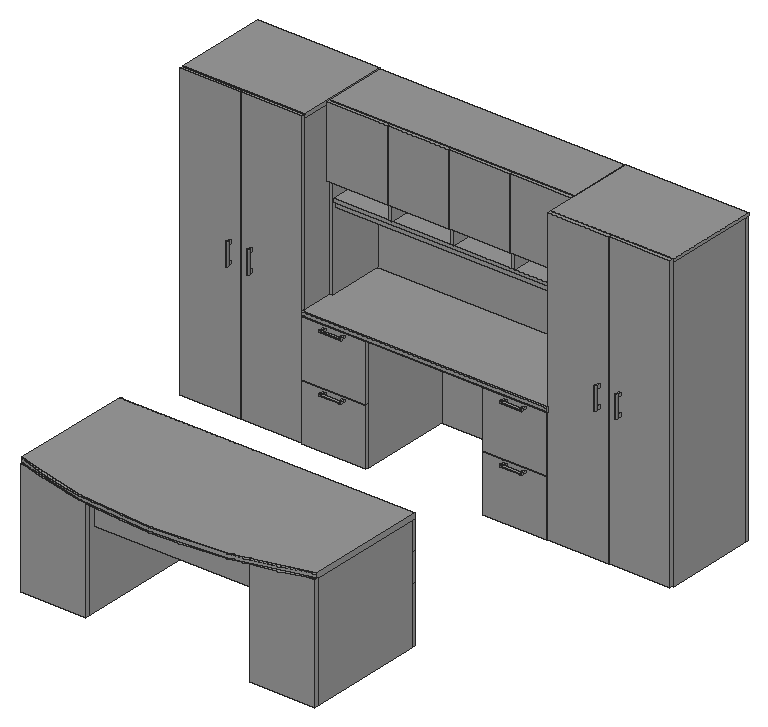
Revit family "JSI-Vision-Typical_Veneer-VSV100", category Furniture, Revit 2020
Family settings
  OmniClass Number = 23.40.20.00
  OmniClass Title = General Furniture and Specialties
  Work Plane-Based = No
  Always vertical = Yes
  Cut with Voids When Loaded = No
  Shared = No
  Room Calculation Point = No
Parameters (values of type "VST100")
  URL = "www.jsifurniture.com"
  Type Comments = "Typical Laminate"  # constant formula
  Model = "VST100"
  Manufacturer = "JSI"  # constant formula
  Keynote = "12500"
  Default Elevation = 0"
  Assembly Code = "E2020200"
Reference planes (in)
  plane 1 "Center Front/Back": y = 0
  plane 2: z = 0
  plane 3 "Center Left/Right": x = 0
Dimensions and locks (in)
  aligned and locked: level to plane 2
Nested families (in)
  nested 1: "JSI-Vision-Wardrobe" at (89.875, 0, 0), type "VSV2430-72W - Wardrobe - 2 Doors 30"W x 24"D x 72"H"
    with Top-Right Shelve no, Width 30", Unit Centre 14 15/16", Shelve Width 13 13/16", Right surface Dist. to Vertical Partition 15 5/16", Pull Distance 12 5/16", Height 72", Hanging Bar Distance 6 3/4", Door Width 14 13/16", Adjustable Shelves Array Distance 13.95", Actual Width 29 7/8", Actual Height 71 11/16", # of Adjustable Shelves 4
  nested 2: "JSI-Vision-Kneespace_Credenza" at (29.875, -0.125, 0), type "VSV2460KC, Veneer Kneespace Credenza 24" x 60""
    with Width 60", Height 29.187"
  nested 3: "JSI-Vision-Wardrobe" at (0, 0, 0), type "VSV2430-72W - Wardrobe - 2 Doors 30"W x 24"D x 72"H"
    with Top-Right Shelve no, Width 30", Unit Centre 14 15/16", Shelve Width 13 13/16", Right surface Dist. to Vertical Partition 15 5/16", Pull Distance 12 5/16", Height 72", Hanging Bar Distance 6 3/4", Door Width 14 13/16", Adjustable Shelves Array Distance 13.95", Actual Width 29 7/8", Actual Height 71 11/16", # of Adjustable Shelves 4
  nested 4: "JSI-Vision-Modular_Box_Box_File_Pedestal" at (96, -101.78955, 0) x (-1, 0, 0) z (0, 0, 1), type "VSV1630MBBF, Veneer Modular BBF Ped"
    with Ped Width 15.996", Ped Height 27.996", Ped Depth 30"
  nested 5: "JSI-Vision-Overhead_Cabinets_with_Cubbies" at (29.875, -0.125, -0.8125), type "VSV1660SOC, Veneer OH Cab. 16" x 60", 4 Doors w Cub"
    with Verticall Partition Distance 29 13/16", Unit Centre 30", Width 60", Door Width Actual 14 13/16", Door Array Spacing 14 15/16", Door Width 14 13/16", Bottom Partition Array Start Distance 14 7/8", Bottom Partition Array Space 14 1/2", Bottom Partition Array Distance 14 15/16", # of bottom Partition 3, # of Doors 4
  nested 6: "JSI-Vision-Modular_File_File_Pedestal" at (40, -101.78955, 0) x (-1, 0, 0) z (0, 0, 1), type "VSV1630MFF, Veneer Modular FF Ped"
    with Ped Depth 30"
  nested 7: "JSI-Vision-Adjustable_Bridge_Modesty" at (79.879, -100.044, -0.8125) x (-1, 0, 0) z (0, 0, 1), type "VSV0940TDM - Modesty for Adjustable Bridge 40"W x 3/4"D x 9"H"
  nested 8: "JSI-Vision-Bowfront_Desk_Top" at (59.93913, -97.18005, -0.8165), type "VSV3672BMCT - Modular Bowfront Desk Top - 72"W x 36"D x 1 3/16"H"
  nested 9: "JSI-Vision-Modular_Full_Height_Back_Modular_Pedestal" at (23.875, -101.60205, 0), type "VSV1628MPBK, Modular Full Height Back Panel for Modular Pedestal- Veneer"
  nested 10: "JSI-Vision-Modular_Full_Height_Back_Modular_Pedestal" at (79.879, -101.632, 0), type "VSV1628MPBK, Modular Full Height Back Panel for Modular Pedestal- Veneer"
Definition of nested family "JSI-Vision-Wardrobe"
  Parameters (values of type "Type Catalog")
    Vertical Partition = yes
    Top-Right Shelve = yes
    Top = none
    Width = 36"
    Unit Centre = Actual Width / 2  # 17 15/16"
    URL = "www.jsifurniture.com"
    Type Comments = ""
    Tag = "Storage/Wardrobe"
    Shelve Width = (Actual Width - 2 1/4") / 2  # 16 13/16"
    Shelve Depth = Depth - 2 13/16"  # 21 3/16"
    Series = "Vision Casegoods"  # constant formula
    Right surface Dist. to Vertical Partition = if(Vertical Partition, (Unit Centre + 3/8"), 3/4")  # 18 5/16"
    Right Door = yes
    Pull Finish = none
    Pull Distance = Door Width - 2 1/2"  # 15 5/16"
    Model = "Type Catalog"
    Material = ""
    Manufacturer = "JSI"  # constant formula
    Left Shelves = yes
    Left Door = yes
    Keynote = "12500"
    JSI Enviromental Website = "http://www.jsifurniture.com/jsi_sustainability_intro.php"
    Height = 84"
    Hanging Bar Distance = if(Height > 72", (Adjustable Shelves Array Distance + 6 3/4"), 6 3/4")  # 20 3/8"
    Door Width = if(Vertical Partition, ((Actual Width - (1/4")) / 2), (Actual Width - 1/8"))  # 17 13/16"
    Door Front = none
    Description = "Type Catalog"
    Depth = 24"
    Default Elevation = 0"
    Chassis = none
    Bottom-Right Shelves = no
    Assembly Code = "E2020200"
    Adjustable Shelves Array Distance = (Actual Height - 1 15/16") / (# of Adjustable Shelves + 1)  # 13 5/8"
    Actual Width = Width - 1/8"  # 35 7/8"
    Actual Height = if(Height > 54", (Height - 5/16"), (if(Height > 42", (Height + 1 1/8"), if(Height > 30", (Height - 3/8"), (Height - 13/16")))))  # 83 11/16"
    # of Adjustable Shelves = if(Height > 72", 5, 4)  # 5
  Reference planes (in)
    plane 1 "Center Front/Back": y = 0
    plane 2: z = 0
    plane 3 "Center Left/Right": x = 0
    plane 4: z = 0
    plane 5: x = 35.875
    plane 6: y = -0.125
    plane 7: y = -23
    plane 8: z = 83.6875
    plane 9: y = -0.875
    plane 10: y = -22.8125
    plane 11: y = -22.0625
    plane 12: x = 0.75
    plane 13: x = 35.125
    plane 14: z = 1.1875
    plane 15: z = 1.9375
    plane 16: z = 82.9375
    plane 17: z = 83.3125
    plane 18: z = 15.1875
    plane 19: z = 28.8125
    plane 20: z = 42.4375
    plane 21: z = 56.0625
    plane 22: z = 69.6875
    plane 23: z = 70.0625
    plane 24: z = 69.3125
    plane 25: z = 56.4375
    plane 26: z = 55.6875
    plane 27: z = 42.8125
    plane 28: z = 42.0625
    plane 29: z = 29.1875
    plane 30: z = 28.4375
    plane 31: z = 15.5625
    plane 32: z = 14.8125
    plane 33: x = 17.9375
    plane 34: x = 0.0625
    plane 35: x = 35.8125
    plane 36: x = 18
    plane 37: x = 17.875
    plane 38: z = 0.125
    plane 39: y = -23.125
    plane 40: y = -23.875
    plane 41: z = 1.5625
    plane 42: x = 18.3125
    plane 43: x = 17.5625
    plane 44: y = -24
    plane 45: z = 83.625
    plane 46: z = 63.3125
    plane 47: y = -11.5625
    plane 48: z = 41.84375
    plane 49: x = 20.5
    plane 50: x = 15.375
    plane 51: z = 20.3125
    plane 52: z = 19.5625
    plane 53: x = 18.3125
  Forms (in)
    Extrusion 1, solid, material <- "Chassis"
      sketch origin (0, 0, 0) x (1, 0, 0) y (0, 1, 0)
        loop
          line (0, -0.125) -> (0, -0.875) -> (35.875, -0.875) -> (35.875, -0.125) -> (0, -0.125)
      from 0 to 82.9375
    Extrusion 2, solid, material <- "Chassis"
      sketch origin (0, 0, 0) x (1, 0, 0) y (0, 1, 0)
        loop
          line (0, -0.875) -> (0, -23) -> (0.75, -23) -> (0.75, -0.875) -> (0, -0.875)
      from 0 to 82.9375
    Extrusion 3, solid, material <- "Chassis"
      sketch origin (0, 0, 0) x (1, 0, 0) y (0, 1, 0)
        loop
          line (35.125, -0.875) -> (35.125, -23) -> (35.875, -23) -> (35.875, -0.875) -> (35.125, -0.875)
      from 0 to 82.9375
    Extrusion 4, solid, material <- "Top"
      sketch origin (0, 0, 0) x (0, 1, 0) y (0, 0, 1)
        loop
          line (-0.125, 83.6875) -> (-23, 83.6875) -> (-23, 82.9375) -> (-0.125, 82.9375) -> (-0.125, 83.6875)
      from 0 to 35.875
    Extrusion 5, solid, material <- "Chassis"
      sketch origin (0, 0, 0) x (0, 1, 0) y (0, 0, 1)
        loop
          line (-0.875, 1.9375) -> (-22.0625, 1.9375) -> (-22.0625, 1.1875) -> (-0.875, 1.1875) -> (-0.875, 1.9375)
      from 0.75 to 35.125
    Extrusion 6, solid, material <- "Chassis"
      sketch origin (0, 0, 0) x (0, 1, 0) y (0, 0, 1)
        loop
          line (-22.0625, 1.9375) -> (-22.8125, 1.9375) -> (-22.8125, 0) -> (-22.0625, 0) -> (-22.0625, 1.9375)
      from 0.75 to 35.125
    Extrusion 7, solid, material <- "Door Front", visible <- "Left Door"
      sketch origin (0, 0, 0) x (1, 0, 0) y (0, 1, 0)
        loop
          line (0.0625, -23.125) -> (0.0625, -23.875) -> (17.875, -23.875) -> (17.875, -23.125) -> (0.0625, -23.125)
      from 0.125 to 83.625
    Extrusion 8, solid, material <- "Door Front", visible <- "Right Door"
      sketch origin (0, 0, 0) x (1, 0, 0) y (0, 1, 0)
        loop
          line (18, -23.125) -> (18, -23.875) -> (35.8125, -23.875) -> (35.8125, -23.125) -> (18, -23.125)
      from 0.125 to 83.625
    Extrusion 9, solid, material <- "Chassis", visible <- "Vertical Partition"
      sketch origin (0, 0, 0) x (1, 0, 0) y (0, 1, 0)
        loop
          line (17.5625, -0.875) -> (17.5625, -23) -> (18.3125, -23) -> (18.3125, -0.875) -> (17.5625, -0.875)
      from 1.9375 to 82.9375
    Extrusion 10, solid, material <- "Chassis", visible <- "Left Shelves"
      sketch origin (0, 0, 0) x (0, 1, 0) y (0, 0, 1)
        loop
          line (-0.875, 15.5625) -> (-22.0625, 15.5625) -> (-22.0625, 14.8125) -> (-0.875, 14.8125) -> (-0.875, 15.5625)
      from 0.75 to 17.5625
    Extrusion 11, solid, material <- "Chassis", visible <- "Top-Right Shelve"
      sketch origin (0, 0, 0) x (0, 1, 0) y (0, 0, 1)
        loop
          line (-0.875, 70.0625) -> (-22.0625, 70.0625) -> (-22.0625, 69.3125) -> (-0.875, 69.3125) -> (-0.875, 70.0625)
      from 18.3125 to 35.125
    Extrusion 12, solid, material <- "Pull Finish"
      sketch origin (0, 0, 0) x (0, 1, 0) y (0, 0, 1)
        loop
          circle (-11.5625, 63.3125) r 0.5
      from 18.3125 to 35.125
    Extrusion 13, solid, material <- "Chassis", visible <- "Left Shelves"
      sketch origin (0, 0, 13.625) x (0, 1, 0) y (0, 0, 1)
        loop
          line (-0.875, 15.5625) -> (-22.0625, 15.5625) -> (-22.0625, 14.8125) -> (-0.875, 14.8125) -> (-0.875, 15.5625)
      from 0.75 to 17.5625
    Extrusion 14, solid, material <- "Chassis", visible <- "Left Shelves"
      sketch origin (0, 0, 27.25) x (0, 1, 0) y (0, 0, 1)
        loop
          line (-0.875, 15.5625) -> (-22.0625, 15.5625) -> (-22.0625, 14.8125) -> (-0.875, 14.8125) -> (-0.875, 15.5625)
      from 0.75 to 17.5625
    Extrusion 15, solid, material <- "Chassis", visible <- "Left Shelves"
      sketch origin (0, 0, 40.875) x (0, 1, 0) y (0, 0, 1)
        loop
          line (-0.875, 15.5625) -> (-22.0625, 15.5625) -> (-22.0625, 14.8125) -> (-0.875, 14.8125) -> (-0.875, 15.5625)
      from 0.75 to 17.5625
    Extrusion 16, solid, material <- "Chassis", visible <- "Bottom-Right Shelves"
      sketch origin (0, 0, 0) x (0, 1, 0) y (0, 0, 1)
        loop
          line (-22.0625, 29.1875) -> (-22.0625, 28.4375) -> (-0.875, 28.4375) -> (-0.875, 29.1875) -> (-22.0625, 29.1875)
      from 18.3125 to 35.125
    Extrusion 17, solid, material <- "Chassis", visible <- "Bottom-Right Shelves"
      sketch origin (0, 0, 0) x (0, 1, 0) y (0, 0, 1)
        loop
          line (-22.0625, 20.3125) -> (-22.0625, 19.5625) -> (-0.875, 19.5625) -> (-0.875, 20.3125) -> (-22.0625, 20.3125)
      from 18.3125 to 35.125
    Extrusion 18, solid, material <- "Chassis", visible <- "Left Shelves"
      sketch origin (0, 0, 54.5) x (0, 1, 0) y (0, 0, 1)
        loop
          line (-0.875, 15.5625) -> (-22.0625, 15.5625) -> (-22.0625, 14.8125) -> (-0.875, 14.8125) -> (-0.875, 15.5625)
      from 0.75 to 17.5625
  Lines and regions (in)
    symbolic lines
      curve 1: line (35.875, -0.125, 0) -> (0, -0.125, 0)
      curve 2: line (0, -0.125, 0) -> (0, -23, 0)
      curve 3: line (35.875, -23, 0) -> (35.875, -0.125, 0)
      curve 4: line (0, -23, 0) -> (35.875, -23, 0)
      curve 5: line (17.875, -23.875, 0) -> (17.875, -23.125, 0)
      curve 6: line (0.0625, -23.875, 0) -> (17.875, -23.875, 0)
      curve 7: line (17.875, -23.125, 0) -> (0.0625, -23.125, 0)
      curve 8: line (0.0625, -23.125, 0) -> (0.0625, -23.875, 0)
      curve 9: line (35.8125, -23.125, 20.3125) -> (18, -23.125, 20.3125)
      curve 10: line (18, -23.875, 20.3125) -> (35.8125, -23.875, 20.3125)
      curve 11: line (18, -23.125, 20.3125) -> (18, -23.875, 20.3125)
      curve 12: line (35.8125, -23.875, 20.3125) -> (35.8125, -23.125, 20.3125)
  Dimensions and locks (in)
    locked: plane 6 to plane 1 "Center Front/Back" at 0.125
    plane 7 to plane 10 to plane 11 = 3/16" locked, 3/4" locked
    locked: plane 3 "Center Left/Right" to plane 12 at 0.75
    locked: plane 13 to plane 5 at 0.75
    plane 15 to plane 14 to plane 4 = 3/4" locked, 1 3/16" locked
    locked: plane 8 to plane 16 at 0.75
    locked: plane 17 to plane 16 at 0.375
    plane 23 to plane 22 to plane 24 = 3/8" locked, 3/8" locked
    plane 25 to plane 21 to plane 26 = 3/8" locked, 3/8" locked
    plane 27 to plane 20 to plane 28 = 3/8" locked, 3/8" locked
    plane 29 to plane 19 to plane 30 = 3/8" locked, 3/8" locked
    plane 31 to plane 18 to plane 32 = 3/8" locked, 3/8" locked
    "Actual Width": plane 3 "Center Left/Right" to plane 5
    "Unit Centre": plane 3 "Center Left/Right" to plane 33
    "Actual Height": plane 8 to plane 4
    locked: plane 3 "Center Left/Right" to plane 34 at 0.0625
    locked: plane 35 to plane 5 at 0.0625
    plane 40 to plane 39 to plane 7 = 3/4" locked, 1/8" locked
    "Door Width": plane 34 to plane 37
    "Door Width": plane 36 to plane 35
    locked: plane 15 to plane 41 at 0.375
    plane 43 to plane 33 to plane 42 = 3/8" locked, 3/8" locked
    "Depth": plane 44 to plane 1 "Center Front/Back"
    locked: plane 44 to plane 40 at 0.125
    "Adjustable Shelves Array Distance": Extrusion 10 to plane 15
    locked: plane 8 to plane 45 at 0.0625
    "Adjustable Shelves Array Distance": plane 17 to plane 22
    equal spacing: plane 6, plane 47, plane 7
    equal spacing: plane 8, plane 48, plane 4
    "Shelve Depth": Extrusion 10 sketch curve to Extrusion 10 sketch curve
    "Shelve Depth": Extrusion 13 sketch curve to Extrusion 13 sketch curve
    equal spacing: group 1, group 2, group 3, group 4, group 5  (x3)
    "Shelve Width": Extrusion 10 to Extrusion 10
    "Shelve Depth": Extrusion 14 sketch curve to Extrusion 14 sketch curve
    "Shelve Width": Extrusion 14 to Extrusion 14
    "Shelve Depth": Extrusion 15 sketch curve to Extrusion 15 sketch curve
    "Shelve Width": Extrusion 15 to Extrusion 15
    "Shelve Width": Extrusion 13 to Extrusion 13
    "Hanging Bar Distance": plane 8 to plane 46
    "Adjustable Shelves Array Distance": Extrusion 13 to Extrusion 10
    plane 30 to plane 51 to plane 52 = 8 1/8" locked, 3/4" locked
    "Pull Distance": plane 49 to plane 35
    "Pull Distance": plane 34 to plane 50
    "Right surface Dist. to Vertical Partition": plane 53 to plane 3 "Center Left/Right"
    "Shelve Depth": Extrusion 18 sketch curve to Extrusion 18 sketch curve
    "Shelve Width": Extrusion 18 to Extrusion 18
    locked: plane 38 to plane 4 at 0.125
    radius of Extrusion 12 sketch curve = 1/2"
    aligned and locked: level to plane 2
    aligned and locked: plane 6 to Extrusion 1 sketch curve
    aligned and locked: Extrusion 1 sketch curve to plane 9
    aligned and locked: Extrusion 1 sketch curve to plane 5
    aligned and locked: plane 3 "Center Left/Right" to Extrusion 1 sketch curve
    aligned and locked: Extrusion 1 to plane 4
    aligned and locked: plane 16 to Extrusion 1
    aligned and locked: plane 3 "Center Left/Right" to Extrusion 2 sketch curve
    aligned and locked: Extrusion 2 sketch curve to plane 12
    aligned and locked: Extrusion 2 sketch curve to plane 7
    aligned and locked: plane 9 to Extrusion 2 sketch curve
    aligned and locked: plane 13 to Extrusion 3 sketch curve
    aligned and locked: Extrusion 3 sketch curve to plane 5
    aligned and locked: Extrusion 3 sketch curve to plane 7
    aligned and locked: plane 9 to Extrusion 3 sketch curve
    aligned and locked: Extrusion 2 to plane 4
    aligned and locked: Extrusion 3 to plane 4
    aligned and locked: plane 16 to Extrusion 2
    aligned and locked: plane 16 to Extrusion 3
    aligned and locked: plane 16 to Extrusion 4 sketch curve
    aligned and locked: Extrusion 4 sketch curve to plane 8
    aligned and locked: plane 6 to Extrusion 4 sketch curve
    aligned and locked: Extrusion 4 sketch curve to plane 7
    aligned and locked: Extrusion 4 to plane 3 "Center Left/Right"
    aligned and locked: plane 5 to Extrusion 4
    aligned and locked: Extrusion 5 sketch curve to plane 11
    aligned and locked: plane 14 to Extrusion 5 sketch curve
    aligned and locked: Extrusion 5 sketch curve to plane 15
    aligned and locked: plane 9 to Extrusion 5 sketch curve
    aligned and locked: Extrusion 5 to plane 12
    aligned and locked: plane 13 to Extrusion 5
    aligned and locked: plane 11 to Extrusion 6 sketch curve
    aligned and locked: Extrusion 6 sketch curve to plane 10
    aligned and locked: plane 4 to Extrusion 6 sketch curve
    aligned and locked: Extrusion 6 sketch curve to plane 15
    aligned and locked: Extrusion 6 to plane 12
    aligned and locked: plane 13 to Extrusion 6
    aligned and locked: level to plane 4
    aligned and locked: plane 33 to nested 1
    aligned and locked: plane 40 to nested 1
    aligned and locked: plane 39 to Extrusion 7 sketch curve
    aligned and locked: Extrusion 7 sketch curve to plane 40
    aligned and locked: Extrusion 7 sketch curve to plane 37
    aligned and locked: plane 34 to Extrusion 7 sketch curve
    aligned and locked: plane 39 to Extrusion 8 sketch curve
    aligned and locked: Extrusion 8 sketch curve to plane 40
    aligned and locked: Extrusion 8 sketch curve to plane 35
    aligned and locked: plane 36 to Extrusion 8 sketch curve
    aligned and locked: Extrusion 7 to plane 38
    aligned and locked: Extrusion 8 to plane 38
    aligned and locked: plane 43 to Extrusion 9 sketch curve
    aligned and locked: Extrusion 9 sketch curve to plane 42
    aligned and locked: plane 9 to Extrusion 9 sketch curve
    aligned and locked: Extrusion 9 sketch curve to plane 7
    aligned and locked: Extrusion 9 to plane 15
    aligned and locked: plane 16 to Extrusion 9
    aligned and locked: plane 45 to Extrusion 7
    aligned and locked: plane 45 to Extrusion 8
    aligned and locked: Extrusion 11 sketch curve to plane 23
    aligned and locked: plane 24 to Extrusion 11 sketch curve
    aligned and locked: plane 9 to Extrusion 11 sketch curve
    aligned and locked: Extrusion 11 sketch curve to plane 11
    aligned and locked: plane 13 to Extrusion 11
    aligned and locked: plane 13 to Extrusion 12
    aligned and locked: Extrusion 10 to plane 9
    aligned and locked: plane 50 to nested 3
    aligned and locked: plane 49 to nested 2
    aligned and locked: plane 48 to nested 3
    aligned and locked: plane 48 to nested 2
    aligned and locked: plane 43 to Extrusion 10
    aligned and locked: plane 43 to Extrusion 13
    aligned and locked: Extrusion 13 to plane 9
    aligned and locked: plane 40 to nested 3
    aligned and locked: plane 40 to nested 2
    aligned and locked: Extrusion 16 sketch curve to plane 29
    aligned and locked: plane 30 to Extrusion 16 sketch curve
    aligned and locked: plane 9 to Extrusion 16 sketch curve
    aligned and locked: Extrusion 16 sketch curve to plane 11
    aligned and locked: plane 13 to Extrusion 16
    aligned and locked: Extrusion 17 sketch curve to plane 51
    aligned and locked: plane 52 to Extrusion 17 sketch curve
    aligned and locked: Extrusion 17 sketch curve to plane 11
    aligned and locked: plane 9 to Extrusion 17 sketch curve
    aligned and locked: plane 13 to Extrusion 17
    aligned and locked: plane 53 to Extrusion 12
    aligned and locked: plane 53 to Extrusion 11
    aligned and locked: plane 53 to Extrusion 17
    aligned and locked: plane 53 to Extrusion 16
    aligned and locked: curve 1 to Extrusion 4
    aligned and locked: curve 2 to Extrusion 4
    aligned and locked: curve 3 to Extrusion 4
    aligned and locked: curve 4 to Extrusion 4
    aligned and locked: curve 5 to Extrusion 7
    aligned and locked: curve 6 to Extrusion 7
    aligned and locked: curve 7 to Extrusion 7
    aligned and locked: curve 8 to Extrusion 7
    aligned and locked: curve 9 to Extrusion 8
    aligned and locked: curve 10 to Extrusion 8
    aligned and locked: curve 11 to Extrusion 8
    aligned and locked: curve 12 to Extrusion 8
  Automatic sketch dimensions
    Extrusion 12 sketch curve to plane 46 = 0"
    Extrusion 12 sketch curve to plane 47 = 0"
    Extrusion 10 sketch curve to Extrusion 10 sketch curve = 3/4"
    Extrusion 13 sketch curve to Extrusion 13 sketch curve = 3/4"
    Extrusion 14 sketch curve to Extrusion 14 sketch curve = 3/4"
    Extrusion 15 sketch curve to Extrusion 15 sketch curve = 3/4"
    Extrusion 18 sketch curve to Extrusion 18 sketch curve = 3/4"
  Nested families (in)
    nested 1: "Label 1-16 OH" at (17.9375, -23.875, 0), type "OH DOORS"
    nested 2: "Vertical Bar Pull" at (20.5, -23.875, 41.84375), Pull Finish <- "Pull Finish", visible <- "Right Door", type "PL"
      with Pull Finish none
    nested 3: "Vertical Bar Pull" at (15.375, -23.875, 41.84375), Pull Finish <- "Pull Finish", visible <- "Left Door", type "PL"
      with Pull Finish none
  Definition of nested family "Vertical Bar Pull"
    Parameters
      Pull Finish [instance] = none
      Default Elevation = 0"
    Reference planes (in)
      plane 1 "Center Front/Back": y = 0
      plane 2: z = 0
      plane 3 "Center Left/Right": x = 0
      plane 4: x = -2.68731
      plane 5: x = -1.88731
      plane 6: x = 2.68731
      plane 7: x = 1.88731
      plane 8: y = -1
      plane 9: y = -0.85202
      plane 10: z = 2.68731
      plane 11: z = 1.88731
      plane 12: z = -1.88731
      plane 13: z = -2.68731
    Forms (in)
      Extrusion 1, solid, material <- "Pull Finish"
        sketch origin (0, 0, 0) x (0, 1, 0) y (-1, 0, 0)
          loop
            line (0, -0.2015) -> (0, 0.2015) -> (-0.85202, 0.2015)
            arc (-0.85202, 0.2015) -> (-0.75, 0) -> (-0.85202, -0.2015) r 0.25
            line (-0.85202, -0.2015) -> (0, -0.2015)
        from 1.88731 to 2.68731
      Extrusion 2, solid, material <- "Pull Finish"
        sketch origin (0, 0, 0) x (0, 1, 0) y (-1, 0, 0)
          loop
            circle (-1, 0) r 0.25
        from -2.68731 to 2.68731
      Extrusion 3, solid, material <- "Pull Finish"
        sketch origin (0, 0, 0) x (1, 0, 0) y (0, 1, 0)
          loop
            line (0.2015, 0) -> (-0.2015, 0) -> (-0.2015, -0.85202)
            arc (-0.2015, -0.85202) -> (0, -0.75) -> (0.2015, -0.85202) r 0.25
            line (0.2015, -0.85202) -> (0.2015, 0)
        from 1.88731 to 2.68731
      Extrusion 4, solid, material <- "Pull Finish"
        sketch origin (0, 0, -4.57462) x (1, 0, 0) y (0, 1, 0)
          loop
            line (0.2015, 0) -> (-0.2015, 0) -> (-0.2015, -0.85202)
            arc (-0.2015, -0.85202) -> (0, -0.75) -> (0.2015, -0.85202) r 0.25
            line (0.2015, -0.85202) -> (0.2015, 0)
        from 1.88731 to 2.68731
    Dimensions and locks (in)
      plane 4 to plane 5 to plane 3 "Center Left/Right" to plane 7 to plane 6 = 0.8" locked, 1.88731" locked, 1.88731" locked, 0.8" locked
      plane 8 to plane 9 to plane 1 "Center Front/Back" = 0.14798" locked, 0.85202" locked
      plane 13 to plane 12 to plane 2 to plane 11 to plane 10 = 0.8" locked, 1.88731" locked, 1.88731" locked, 0.8" locked
      plane 1 "Center Front/Back" to plane 9 to plane 8 = 0.85202" locked, 0.14798" locked
      aligned and locked: level to plane 2
      aligned and locked: plane 8 to Extrusion 2 sketch curve
      aligned and locked: Extrusion 3 to plane 1 "Center Front/Back"
      aligned and locked: Extrusion 1 to plane 1 "Center Front/Back"
      aligned and locked: Extrusion 4 to plane 1 "Center Front/Back"
      aligned and locked: Extrusion 3 to plane 10
      aligned and locked: Extrusion 3 to plane 11
      aligned and locked: Extrusion 2 to plane 10
      aligned and locked: Extrusion 2 to plane 13
      aligned and locked: Extrusion 4 to plane 13
      aligned and locked: Extrusion 4 to plane 12
      aligned and locked: plane 1 "Center Front/Back" to Extrusion 4
      aligned and locked: plane 1 "Center Front/Back" to Extrusion 3
      aligned and locked: Extrusion 4 to plane 9
      aligned and locked: Extrusion 3 to plane 9
  Definition of nested family "Label 1-16 OH"
    Parameters
      Width = 1"
      Model Name = "Storage/Wardrobe"
    Reference planes (in)
      plane 1: y = 0
      plane 2: x = 0
    Text (in)
      label "XX" at (0.00051, -0.12324, 0), shows "Model Name"
Definition of nested family "JSI-Vision-Kneespace_Credenza"
  Parameters (values of type "Type Catalog")
    Worksurface = none
    Width = 72"
    URL = "www.jsifurniture.com"
    Type Comments = ""
    Tag = "FF"
    Series = "Vision Casegoods"  # constant formula
    Pull Finish = none
    Model = "Type Catalog"
    Material = ""
    Manufacturer = "JSI"  # constant formula
    Keynote = "12500"
    JSI Enviromental Website = "http://www.jsifurniture.com/jsi_sustainability_intro.php"
    Height = 29 3/16"
    Grommet Finish = none
    Drawer Front = none
    Description = "Type Catalog"
    Depth = 24"
    Default Elevation = 0"
    Chassis = none
    Assembly Code = "E2020200"
  Reference planes (in)
    plane 1 "Center Front/Back": y = 0
    plane 2: z = 0
    plane 3 "Center Left/Right": x = 0
    plane 4: z = 0
    plane 5: x = 72
    plane 6: y = -24
    plane 7: x = 0.125
    plane 8: x = 0.875
    plane 9: y = -0.1875
    plane 10: y = -0.9375
    plane 11: x = 36
    plane 12: z = 28.00209
    plane 13: z = 29.18959
    plane 14: x = 71.875
    plane 15: x = 71.125
    plane 16: x = 15.3725
    plane 17: x = 15.69544
    plane 18: x = 15.7475
    plane 19: x = 15.7475
    plane 20: x = 14.9975
    plane 21: x = 0.18544
    plane 22: x = 56.2525
    plane 23: x = 57.0025
    plane 24: x = 71.81456
    plane 25: x = 7.93625
    plane 26: x = 24.3775
    plane 27: x = 41.625
    plane 28: x = 64.06375
    plane 29: x = 56.6275
    plane 30: x = 56.315
    plane 31: y = -22.9375
    plane 32: y = -22.1875
  Forms (in)
    Extrusion 1, solid, material <- "Chassis"
      sketch origin (0.125, -0.1875, 48) x (0, 1, 0) y (0, 0, 1)
        loop
          line (-0.75, -19.99791) -> (-1.2439, -19.99791) -> (-23.0625, -19.99791) -> (-23.0625, -48) -> (-0.75, -48) -> (-0.75, -19.99791)
      from 0 to 0.75
    Extrusion 2, solid, material <- "Chassis"
      sketch origin (0, 0, 0) x (1, 0, 0) y (0, 0, 1)
        loop
          line (0.125, 28.00209) -> (0.125, 0) -> (71.875, 0) -> (71.875, 28.00209) -> (35.98302, 28.00209) -> (0.125, 28.00209)
      from 0.1875 to 0.9375
    Extrusion 3, solid, material <- "Worksurface"
      sketch origin (0.125, -0.1875, 48) x (0, 1, 0) y (0, 0, 1)
        loop
          line (0.1875, -18.81041) -> (-23.6875, -18.81041)
          arc (-23.6875, -18.81041) -> (-23.77589, -18.84702) -> (-23.8125, -18.93541) r 0.125
          line (-23.8125, -18.93541) -> (-23.8125, -19.87291)
          arc (-23.8125, -19.87291) -> (-23.77589, -19.9613) -> (-23.6875, -19.99791) r 0.125
          line (-23.6875, -19.99791) -> (0.1875, -19.99791) -> (0.1875, -18.81041)
      from -0.125 to 71.875
    Extrusion 4, solid, material <- "Chassis"
      sketch origin (0.125, -0.1875, 48) x (0, 1, 0) y (0, 0, 1)
        loop
          line (-22.75, -46.125) -> (-22.75, -48) -> (-22, -48) -> (-22, -46.125) -> (-22.75, -46.125)
      from 0.75 to 14.8725
    Extrusion 5, solid, material <- "Chassis"
      sketch origin (71.875, -0.1875, 48) x (0, 1, 0) y (0, 0, -1)
        loop
          line (-0.75, 19.99791) -> (-0.75, 48) -> (-23.0625, 48) -> (-23.0625, 19.99791) -> (-1.40724, 19.99791) -> (-0.75, 19.99791)
      from 0 to 0.75
    Extrusion 6, solid, material <- "Chassis"
      sketch origin (14.9975, 4.36144, 48) x (0, 1, 0) y (0, 0, 1)
        loop
          line (-27.61144, -19.99791) -> (-27.61144, -48) -> (-5.29894, -48) -> (-5.29894, -19.99791) -> (-27.61144, -19.99791)
      from 0 to 0.75
    Extrusion 7, solid, material <- "Drawer Front"
      sketch origin (0.18544, -23.25, 48) x (0, 1, 0) y (0, 0, 1)
        loop
          line (0, -20.10902) -> (-0.75, -20.10902) -> (-0.75, -33.9375) -> (0, -33.9375) -> (0, -20.10902)
        loop
          line (0, -34.0625) -> (-0.75, -34.0625) -> (-0.75, -47.86) -> (0, -47.86) -> (0, -34.0625)
      from 0 to 15.51
    Extrusion 8, solid, material <- "Chassis"
      sketch origin (57.0025, 6.04894, 48) x (0, 1, 0) y (0, 0, -1)
        loop
          line (-29.29894, 19.99791) -> (-6.98644, 19.99791) -> (-6.98644, 48) -> (-29.29894, 48) -> (-29.29894, 19.99791)
      from 0 to 0.75
    Extrusion 9, solid, material <- "Drawer Front"
      sketch origin (71.81456, -23.25, 48) x (0, 1, 0) y (0, 0, -1)
        loop
          line (0, 20.10902) -> (0, 33.9375) -> (-0.75, 33.9375) -> (-0.75, 20.10902) -> (0, 20.10902)
        loop
          line (0, 34.0625) -> (0, 47.86) -> (-0.75, 47.86) -> (-0.75, 34.0625) -> (0, 34.0625)
      from 0 to 15.49956
    Extrusion 10, solid, material <- "Chassis"
      sketch origin (65.875, -0.1875, 48) x (0, 1, 0) y (0, 0, -1)
        loop
          line (-22.75, 46.125) -> (-22, 46.125) -> (-22, 48) -> (-22.75, 48) -> (-22.75, 46.125)
      from -5.25 to 8.8725
  Lines and regions (in)
    symbolic lines
      curve 1: line (0, -24, 0) -> (72, -24, 0)
      curve 2: line (0, 0, 0) -> (0, -24, 0)
      curve 3: line (72, 0, 0) -> (0, 0, 0)
      curve 4: line (72, -24, 0) -> (72, 0, 0)
      curve 5: line (15.3725, -24, 0) -> (15.3725, 0, 0)
      curve 6: line (56.6275, -24, 0) -> (56.6275, 0, 0)
  Dimensions and locks (in)
    "Depth": plane 1 "Center Front/Back" to plane 6
    "Width": plane 3 "Center Left/Right" to plane 5
    plane 10 to plane 9 to plane 1 "Center Front/Back" = 3/4" locked, 3/16" locked
    plane 13 to level = 29.18959"
    equal spacing: plane 3 "Center Left/Right", plane 11, plane 5
    locked: plane 12 to plane 13 at 1.1875
    locked: plane 3 "Center Left/Right" to plane 19 at 15.7475
    locked: plane 22 to plane 5 at 15.7475
    equal spacing: plane 8, plane 25, plane 20
    plane 3 "Center Left/Right" to plane 7 to plane 21 to plane 8 = 1/8" locked, 0.06044" locked, 0.68956" locked
    plane 20 to plane 16 to plane 17 to plane 19 = 3/8" locked, 0.32294" locked, 0.05206" locked
    equal spacing: plane 23, plane 28, plane 15
    plane 15 to plane 24 to plane 14 to plane 5 = 0.68956" locked, 0.06044" locked, 1/8" locked
    plane 22 to plane 30 to plane 29 to plane 23 = 1/16" locked, 5/16" locked, 3/8" locked
    plane 32 to plane 31 to plane 6 = 3/4" locked, 1 1/16" locked
    Extrusion 7 sketch curve to Extrusion 7 sketch curve to Extrusion 7 sketch curve to plane 4 = 1/8", 13.7975", 0.14" locked
    locked: Extrusion 7 sketch curve to plane 12 at 0.11111
    locked: Extrusion 7 to nested 1 at 0.75
    Extrusion 7 to nested 2 = 0.73629"
    locked: Extrusion 9 to nested 3 at 0.75
    Extrusion 9 to nested 4 = 0.73629"
    plane 4 to Extrusion 9 sketch curve to Extrusion 9 sketch curve to Extrusion 9 sketch curve = 0.14" locked, 13.7975", 1/8"
    plane 13 to plane 4 = 29.18959"
    aligned and locked: level to plane 2
    aligned and locked: plane 8 to Extrusion 1
    aligned and locked: plane 5 to Extrusion 3
    aligned and locked: Extrusion 3 to plane 3 "Center Left/Right"
    aligned and locked: Extrusion 5 to plane 15
    aligned and locked: Extrusion 4 to plane 8
    aligned and locked: Extrusion 6 to plane 19
    aligned and locked: plane 22 to Extrusion 8
    aligned and locked: plane 25 to nested 1
    aligned and locked: plane 25 to nested 2
    aligned and locked: nested 1 to plane 6
    aligned and locked: nested 2 to plane 6
    aligned and locked: nested 3 to plane 28
    aligned and locked: nested 4 to plane 28
    aligned and locked: plane 6 to nested 3
    aligned and locked: plane 6 to nested 4
    aligned and locked: plane 25 to nested 5
    aligned and locked: nested 5 to nested 1
    aligned and locked: nested 6 to plane 28
    aligned and locked: nested 3 to nested 6
    aligned and locked: curve 2 to plane 3 "Center Left/Right"
    aligned and locked: plane 5 to curve 4
    aligned and locked: curve 1 to plane 6
    aligned and locked: curve 3 to plane 1 "Center Front/Back"
    aligned and locked: plane 16 to curve 5
    aligned and locked: curve 6 to plane 29
    aligned and locked: plane 20 to Extrusion 4
    aligned and locked: Extrusion 1 to Extrusion 6
    aligned and locked: Extrusion 8 to Extrusion 5
    aligned and locked: plane 10 to Extrusion 8
    aligned and locked: plane 10 to Extrusion 6
    aligned and locked: Extrusion 4 to plane 31
    aligned and locked: plane 32 to Extrusion 4 sketch curve
    aligned and locked: Extrusion 10 to plane 31
    aligned and locked: plane 32 to Extrusion 10
    aligned and locked: plane 23 to Extrusion 10
    aligned and locked: Extrusion 10 to plane 15
    aligned and locked: plane 24 to Extrusion 9
    aligned and locked: plane 30 to Extrusion 9
  Automatic sketch dimensions
    plane 12 to Extrusion 1 sketch curve = 0"
    Extrusion 1 sketch curve to level = 0"
    Extrusion 1 sketch curve to plane 10 = 0"
    Extrusion 1 sketch curve to Extrusion 1 sketch curve = 0.4939"
    Extrusion 1 sketch curve to plane 31 = 5/16"
    Extrusion 2 sketch curve to level = 0"
    Extrusion 2 sketch curve to plane 7 = 0"
    Extrusion 2 sketch curve to plane 12 = 0"
    Extrusion 2 sketch curve to plane 14 = 0"
    Extrusion 3 sketch curve to plane 6 = 0"
    plane 12 to Extrusion 3 sketch curve = 0"
    Extrusion 3 sketch curve to plane 13 = 0"
    Extrusion 3 sketch curve to plane 1 "Center Front/Back" = 0"
    plane 6 to Extrusion 3 sketch curve = 1/8"  (x2)
    Extrusion 4 sketch curve to level = 0"
    Extrusion 4 sketch curve to plane 31 = 0"
    level to Extrusion 4 sketch curve = 1 7/8"
    plane 12 to Extrusion 5 sketch curve = 0"
    Extrusion 5 sketch curve to level = 0"
    Extrusion 5 sketch curve to plane 10 = 0"
    plane 10 to Extrusion 5 sketch curve = 0.65724"
    plane 31 to Extrusion 5 sketch curve = 5/16"
    Extrusion 6 sketch curve to level = 0"
    plane 12 to Extrusion 6 sketch curve = 0"
    Extrusion 6 sketch curve to plane 10 = 0"
    Extrusion 6 sketch curve to plane 31 = 5/16"
    Extrusion 7 sketch curve to plane 6 = 0"  (x2)
    Extrusion 7 sketch curve to plane 31 = 5/16"
    Extrusion 7 sketch curve to Extrusion 7 sketch curve = 0"
    Extrusion 8 sketch curve to level = 0"
    plane 12 to Extrusion 8 sketch curve = 0"
    Extrusion 8 sketch curve to plane 10 = 0"
    plane 31 to Extrusion 8 sketch curve = 5/16"
    Extrusion 9 sketch curve to plane 6 = 0"  (x2)
    Extrusion 9 sketch curve to plane 12 = 0.11111"
    plane 31 to Extrusion 9 sketch curve = 5/16"
    Extrusion 9 sketch curve to Extrusion 9 sketch curve = 0"
    Extrusion 10 sketch curve to level = 0"
    plane 31 to Extrusion 10 sketch curve = 0"
    plane 32 to Extrusion 10 sketch curve = 0"
    level to Extrusion 10 sketch curve = 1 7/8"
    plane 11 to Extrusion 2 sketch curve = 0.01698"
  Nested families (in)
    nested 1: "Bar Pull" at (7.93625, -24, 27.14098), Pull Finish <- "Pull Finish", type "PL"
      with Pull Finish none
    nested 2: "Bar Pull" at (7.93625, -24, 13.20121), Pull Finish <- "Pull Finish", type "PL"
      with Pull Finish none
    nested 3: "Bar Pull" at (64.06375, -24, 27.14098) x (-1, 0, 0) z (0, 0, 1), Pull Finish <- "Pull Finish", type "PL"
      with Pull Finish none
    nested 4: "Bar Pull" at (64.06375, -24, 13.20121) x (-1, 0, 0) z (0, 0, 1), Pull Finish <- "Pull Finish", type "PL"
      with Pull Finish none
    nested 5: "Label 1-16" at (7.93625, -24.85202, 0), type "DRWCFG"
    nested 6: "Label 1-16" at (64.06375, -24.85202, 0), type "DRWCFG"
  Definition of nested family "Bar Pull"
    Parameters
      Pull Finish [instance] = none
      Default Elevation = 0"
    Reference planes (in)
      plane 1 "Center Front/Back": y = 0
      plane 2: z = 0
      plane 3 "Center Left/Right": x = 0
      plane 4: x = -2.68731
      plane 5: x = -1.88731
      plane 6: x = 2.68731
      plane 7: x = 1.88731
      plane 8: y = -1
      plane 9: y = -0.85202
    Forms (in)
      Extrusion 1, solid, material <- "Pull Finish"
        sketch origin (0, 0, 0) x (0, 1, 0) y (0, 0, 1)
          loop
            line (0, -0.2015) -> (0, 0.2015) -> (-0.85202, 0.2015)
            arc (-0.85202, 0.2015) -> (-0.75, 0) -> (-0.85202, -0.2015) r 0.25
            line (-0.85202, -0.2015) -> (0, -0.2015)
        from 1.88731 to 2.68731
      Extrusion 2, solid, material <- "Pull Finish"
        sketch origin (0, 0, 0) x (0, 1, 0) y (0, 0, 1)
          loop
            circle (-1, 0) r 0.25
        from -2.68731 to 2.68731
      Extrusion 3, solid, material <- "Pull Finish"
        sketch origin (0, 0, 0) x (0, 1, 0) y (0, 0, -1)
          loop
            line (0, 0.2015) -> (-0.85202, 0.2015)
            arc (-0.85202, 0.2015) -> (-0.75, 0) -> (-0.85202, -0.2015) r 0.25
            line (-0.85202, -0.2015) -> (0, -0.2015) -> (0, 0.2015)
        from 1.88731 to 2.68731
    Dimensions and locks (in)
      plane 4 to plane 5 to plane 3 "Center Left/Right" to plane 7 to plane 6 = 0.8" locked, 1.88731" locked, 1.88731" locked, 0.8" locked
      plane 8 to plane 9 to plane 1 "Center Front/Back" = 0.14798" locked, 0.85202" locked
      aligned and locked: level to plane 2
      aligned and locked: plane 4 to Extrusion 3
      aligned and locked: Extrusion 3 to plane 5
      aligned and locked: plane 4 to Extrusion 2
      aligned and locked: Extrusion 1 to plane 7
      aligned and locked: plane 6 to Extrusion 1
      aligned and locked: plane 6 to Extrusion 2
      aligned and locked: plane 8 to Extrusion 2 sketch curve
      aligned and locked: Extrusion 3 to plane 1 "Center Front/Back"
      aligned and locked: Extrusion 1 to plane 1 "Center Front/Back"
      aligned and locked: plane 5 to Extrusion 3
      aligned and locked: Extrusion 3 to plane 4
      aligned and locked: Extrusion 2 to plane 4
      aligned and locked: plane 7 to Extrusion 1
      aligned and locked: Extrusion 1 to plane 6
      aligned and locked: Extrusion 2 to plane 6
  Definition of nested family "Label 1-16"
    Parameters
      Width = 1"
      Model Name = "BF"
    Reference planes (in)
      plane 1: y = 0
      plane 2: x = 0
    Text (in)
      label "XX" at (0.00051, -0.12324, 0), shows "Model Name"
Definition of nested family "JSI-Vision-Modular_Box_Box_File_Pedestal"
  Parameters (values of type "Type Catalog")
    URL = "www.jsifurniture.com"
    Tag = "BBF"
    Series = "Vision Casegoods"  # constant formula
    Pull Finish = none
    Ped Width = 16"
    Ped Height = 28"
    Model = "Type Catalog"
    Manufacturer = "JSI"  # constant formula
    Keynote = "12500"
    JSI Enviromental website = "http://www.jsifurniture.com/jsi_sustainability_intro.php"
    Description = "Type Catalog"
    Default Elevation = 0"
    Chassis = none
    Ped Depth = 20"
    Grommet Finish = none
    Drawer Front = none
    Assembly Code = "E2020200"
  Reference planes (in)
    plane 1 "Center Front/Back": y = 0
    plane 2: z = 0
    plane 3 "Center Left/Right": x = 0
    plane 4: x = 0.125
    plane 5: x = 16.125
    plane 6: x = 16.25
    plane 7: y = -18.9795
    plane 8: y = -0.1875
    plane 9: y = -19.1095
    plane 10: x = 0.18716
    plane 11: x = 16.06243
    plane 12: y = -19.8595
    plane 13: z = 27.89082
    plane 14: z = 28
    plane 15: x = 0.875
    plane 16: x = 15.376
    plane 17: y = -0.9375
    plane 18: y = -18.23863
    plane 19: z = 27.1404
    plane 20: z = 26.5625
    plane 21: y = -3.9375
    plane 22: x = 8.125
    plane 23: y = -20
    plane 24: y = -9.80266
    plane 25: y = -14.80266
    plane 26: z = 27.1875
    plane 27: z = 21.04715
    plane 28: z = 20.92165
    plane 29: z = 20.1704
    plane 30: z = 14.0779
    plane 31: z = 13.9529
    plane 32: z = 13.2024
    plane 33: z = 0.1404
  Forms (in)
    Extrusion 1, solid, material <- "Chassis"
      sketch origin (0.125, -0.1875, 48) x (0, 1, 0) y (0, 0, 1)
        loop
          line (0, -20) -> (-2.2814, -20) -> (-18.792, -20) -> (-18.792, -48) -> (0, -48) -> (0, -20)
      from 0 to 0.75
    Extrusion 2, solid, material <- "Chassis"
      sketch origin (16.125, -0.1875, 48) x (0, 1, 0) y (0, 0, 1)
        loop
          line (0, -20) -> (-1.49541, -20) -> (-18.792, -20) -> (-18.792, -48) -> (0, -48) -> (0, -20)
      from -0.749 to 0
    Extrusion 3, solid, material <- "Drawer Front"
      sketch origin (0, 0, 0) x (1, 0, 0) y (0, 0, 1)
        loop
          line (0.18716, 27.89082) -> (0.18716, 21.04715) -> (16.06243, 21.04715) -> (16.06243, 27.89082) -> (0.18716, 27.89082)
        loop
          line (16.06243, 14.0779) -> (16.06243, 20.92165) -> (0.18716, 20.92165) -> (0.18716, 14.0779) -> (16.06243, 14.0779)
        loop
          line (0.18716, 13.9529) -> (0.18716, 0.1404) -> (16.06243, 0.1404) -> (16.06243, 13.9529) -> (0.18716, 13.9529)
      from 19.1095 to 19.8595
    Extrusion 4, solid, material <- "Chassis"
      sketch origin (0, 0, 0) x (1, 0, 0) y (0, 1, 0)
        loop
          line (0.875, -18.23863) -> (0.875, -18.9795) -> (15.376, -18.9795) -> (15.376, -18.23863) -> (0.875, -18.23863)
      from 0 to 1.9375
    Extrusion 5, solid, material <- "Chassis"
      sketch origin (0, 0, 0) x (0, 1, 0) y (0, 0, 1)
        loop
          line (-9.80266, 27.1875) -> (-9.80266, 27.89082) -> (-14.80266, 27.89082) -> (-14.80266, 27.1875) -> (-9.80266, 27.1875)
      from 0.875 to 15.376
    Extrusion 6, solid, material <- "Chassis"
      sketch origin (0, 0, 0) x (0, 1, 0) y (0, 0, 1)
        loop
          line (-0.1875, 28) -> (-0.9375, 28) -> (-0.9375, 23) -> (-0.1875, 23) -> (-0.1875, 28)
        loop
          line (-0.9375, 5) -> (-0.9375, 0) -> (-0.1875, 0) -> (-0.1875, 5) -> (-0.9375, 5)
      from 0.875 to 15.376
  Lines and regions (in)
    symbolic lines
      curve 1: line (0.125, -18.9795, 0) -> (0.125, -0.1875, 0)
      curve 2: line (16.125, -0.1875, 0) -> (16.125, -18.9795, 0)
      curve 3: line (0.18716, -19.1095, 0) -> (16.06243, -19.1095, 0)
      curve 4: line (0.18716, -19.8595, 0) -> (0.18716, -19.1095, 0)
      curve 5: line (16.06243, -19.8595, 0) -> (0.18716, -19.8595, 0)
      curve 6: line (16.06243, -19.1095, 0) -> (16.06243, -19.8595, 0)
      curve 7: line (0.875, -0.1875, 0) -> (0.875, -18.9795, 0)
      curve 8: line (0.125, -18.9795, 0) -> (0.875, -18.9795, 0)
      curve 9: line (15.376, -0.1875, 0) -> (15.376, -18.9795, 0)
      curve 10: line (15.376, -18.9795, 0) -> (16.125, -18.9795, 0)
      curve 11: line (0.125, -0.1875, 0) -> (16.125, -0.1875, 0)
      curve 12: line (0.875, -0.9375, 0) -> (15.376, -0.9375, 0)
  Dimensions and locks (in)
    plane 3 "Center Left/Right" to plane 4 = 1/8"
    locked: plane 5 to plane 6 at 0.125
    "Ped Width": plane 4 to plane 5
    locked: plane 1 "Center Front/Back" to plane 8 at 0.1875
    "Ped Height": plane 14 to level
    locked: plane 8 to plane 17 at 0.75
    plane 18 to plane 7 to plane 9 to plane 12 = 0.74087" locked, 0.13" locked, 3/4" locked
    plane 4 to plane 10 to plane 15 = 0.06216" locked, 0.68784" locked
    plane 16 to plane 11 to plane 5 = 0.68644" locked, 0.06257" locked
    locked: plane 14 to plane 20 at 1.4375
    locked: plane 1 "Center Front/Back" to plane 21 at 3.9375
    plane 3 "Center Left/Right" to plane 22 to plane 6 = 8 1/8", 8 1/8"
    "Ped Depth": plane 23 to plane 1 "Center Front/Back"
    locked: plane 12 to plane 23 at 0.1405
    plane 24 to plane 25 to plane 23 = 5" locked, 5.19734" locked
    locked: plane 14 to Extrusion 6 sketch curve at 5
    locked: Extrusion 6 sketch curve to plane 2 at 5
    plane 14 to plane 13 to plane 27 to plane 28 to plane 30 to plane 31 to plane 33 to plane 2 = 0.10918" locked, 6.84367" locked, 0.1255" locked, 6 27/32" locked, 1/8" locked, 13 13/16", 0.1404" locked
    plane 19 to plane 29 to plane 32 to plane 2 = 6.97" locked, 6.968" locked, 13.2024" locked
    aligned and locked: level to plane 2
    aligned and locked: Extrusion 1 sketch curve to plane 7
    aligned and locked: Extrusion 1 sketch curve to level
    aligned and locked: Extrusion 2 sketch curve to plane 14
    aligned and locked: level to Extrusion 2 sketch curve
    aligned and locked: plane 7 to Extrusion 2 sketch curve
    aligned and locked: Extrusion 3 sketch curve to plane 13
    aligned and locked: Extrusion 3 sketch curve to plane 10  (x2)
    aligned and locked: plane 11 to Extrusion 3 sketch curve  (x2)
    aligned and locked: Extrusion 3 to plane 12
    aligned and locked: plane 9 to Extrusion 3
    aligned and locked: Extrusion 4 sketch curve to plane 18
    aligned and locked: plane 15 to Extrusion 4 sketch curve
    aligned and locked: nested 1 to plane 12
    aligned and locked: nested 2 to plane 12
    aligned and locked: plane 19 to nested 2
    aligned and locked: plane 24 to Extrusion 5 sketch curve
    aligned and locked: Extrusion 5 sketch curve to plane 26
    aligned and locked: Extrusion 5 sketch curve to plane 25
    aligned and locked: plane 13 to Extrusion 5 sketch curve
    aligned and locked: Extrusion 5 to plane 15
    aligned and locked: plane 16 to Extrusion 5
    aligned and locked: nested 3 to plane 22
    aligned and locked: nested 3 to plane 23
    aligned and locked: nested 2 to plane 22
    aligned and locked: nested 1 to plane 22
    aligned and locked: Extrusion 3 sketch curve to Extrusion 3 sketch curve  (x2)
    aligned and locked: nested 4 to plane 22
    aligned and locked: nested 4 to plane 12
    aligned and locked: Extrusion 3 to plane 28
    aligned and locked: plane 27 to Extrusion 3
    aligned and locked: Extrusion 3 to plane 31
    aligned and locked: plane 30 to Extrusion 3
    aligned and locked: plane 8 to Extrusion 1
    aligned and locked: plane 8 to Extrusion 2
    aligned and locked: curve 7 to Extrusion 1
    aligned and locked: plane 8 to curve 9
    aligned and locked: Extrusion 2 to plane 16
    aligned and locked: plane 8 to Extrusion 6 sketch curve
    aligned and locked: Extrusion 6 sketch curve to plane 17
    aligned and locked: Extrusion 6 sketch curve to plane 2
    aligned and locked: Extrusion 6 sketch curve to plane 8
    aligned and locked: plane 17 to Extrusion 6 sketch curve
    aligned and locked: Extrusion 6 sketch curve to plane 14
    aligned and locked: Extrusion 6 to plane 15
    aligned and locked: plane 16 to Extrusion 6
    aligned and locked: plane 4 to curve 11
    aligned and locked: plane 5 to curve 11
    aligned and locked: curve 11 to plane 8
    aligned and locked: plane 15 to curve 12
    aligned and locked: plane 16 to curve 12
    aligned and locked: curve 12 to plane 17
    aligned and locked: plane 33 to Extrusion 3
  Automatic sketch dimensions
    Extrusion 3 sketch curve to plane 19 = 6 7/32"
    Extrusion 3 sketch curve to Extrusion 3 sketch curve = 0.1255"
    Extrusion 1 sketch curve to plane 14 = 0"
    Extrusion 1 sketch curve to Extrusion 1 sketch curve = 2.2814"
    Extrusion 2 sketch curve to plane 17 = 0.74541"
    Extrusion 3 sketch curve to Extrusion 3 sketch curve = 1/8"
    Extrusion 3 sketch curve to Extrusion 3 sketch curve = 6 31/32"
    level to Extrusion 3 sketch curve = 0.1404"
    plane 17 to Extrusion 1 sketch curve = 3/4"
    Extrusion 4 sketch curve to plane 7 = 0"
    Extrusion 4 sketch curve to plane 16 = 0"
    plane 17 to Extrusion 2 sketch curve = 3/4"
    curve 3 to plane 9 = 0"
    curve 3 to plane 10 = 0"
    curve 10 to plane 7 = 0"
    curve 5 to plane 11 = 0"
    curve 4 to plane 12 = 0"
    curve 1 to plane 7 = 0"
  Nested families (in)
    nested 1: "Bar Pull" at (8.125, -19.8595, 13.2024), Pull Finish <- "Pull Finish", type "PL"
      with Pull Finish none
    nested 2: "Bar Pull" at (8.125, -19.8595, 27.1404), Pull Finish <- "Pull Finish", type "PL"
      with Pull Finish none
    nested 3: "Label 1-16" at (8.125, -20, 0), type "DRWCFG"
    nested 4: "Bar Pull" at (8.125, -19.8595, 20.1704), Pull Finish <- "Pull Finish", type "PL"
      with Pull Finish none
  Definition of nested family "Bar Pull"
    Parameters
      Pull Finish [instance] = none
      Default Elevation = 0"
    Reference planes (in)
      plane 1 "Center Front/Back": y = 0
      plane 2: z = 0
      plane 3 "Center Left/Right": x = 0
      plane 4: x = -2.68731
      plane 5: x = -1.88731
      plane 6: x = 2.68731
      plane 7: x = 1.88731
      plane 8: y = -1
      plane 9: y = -0.85202
    Forms (in)
      Extrusion 1, solid, material <- "Pull Finish"
        sketch origin (0, 0, 0) x (0, 1, 0) y (0, 0, 1)
          loop
            line (0, -0.2015) -> (0, 0.2015) -> (-0.85202, 0.2015)
            arc (-0.85202, 0.2015) -> (-0.75, 0) -> (-0.85202, -0.2015) r 0.25
            line (-0.85202, -0.2015) -> (0, -0.2015)
        from 1.88731 to 2.68731
      Extrusion 2, solid, material <- "Pull Finish"
        sketch origin (0, 0, 0) x (0, 1, 0) y (0, 0, 1)
          loop
            circle (-1, 0) r 0.25
        from -2.68731 to 2.68731
      Extrusion 3, solid, material <- "Pull Finish"
        sketch origin (0, 0, 0) x (0, 1, 0) y (0, 0, -1)
          loop
            line (0, 0.2015) -> (-0.85202, 0.2015)
            arc (-0.85202, 0.2015) -> (-0.75, 0) -> (-0.85202, -0.2015) r 0.25
            line (-0.85202, -0.2015) -> (0, -0.2015) -> (0, 0.2015)
        from 1.88731 to 2.68731
    Dimensions and locks (in)
      plane 4 to plane 5 to plane 3 "Center Left/Right" to plane 7 to plane 6 = 0.8" locked, 1.88731" locked, 1.88731" locked, 0.8" locked
      plane 8 to plane 9 to plane 1 "Center Front/Back" = 0.14798" locked, 0.85202" locked
      aligned and locked: level to plane 2
      aligned and locked: plane 4 to Extrusion 3
      aligned and locked: Extrusion 3 to plane 5
      aligned and locked: plane 4 to Extrusion 2
      aligned and locked: Extrusion 1 to plane 7
      aligned and locked: plane 6 to Extrusion 1
      aligned and locked: plane 6 to Extrusion 2
      aligned and locked: plane 8 to Extrusion 2 sketch curve
      aligned and locked: Extrusion 3 to plane 1 "Center Front/Back"
      aligned and locked: Extrusion 1 to plane 1 "Center Front/Back"
      aligned and locked: plane 5 to Extrusion 3
      aligned and locked: Extrusion 3 to plane 4
      aligned and locked: Extrusion 2 to plane 4
      aligned and locked: plane 7 to Extrusion 1
      aligned and locked: Extrusion 1 to plane 6
      aligned and locked: Extrusion 2 to plane 6
  Definition of nested family "Label 1-16"
    Parameters
      Width = 1"
      Model Name = "2 Drw - 2 Drs"
    Reference planes (in)
      plane 1: y = 0
      plane 2: x = 0
    Text (in)
      label "XX" at (0.00051, -0.12324, 0), shows "Model Name"
Definition of nested family "JSI-Vision-Overhead_Cabinets_with_Cubbies"
  Parameters (values of type "Overhead Cab. with Cubbies - Type Catalog Family")
    Verticall Partition Distance = (Door Width * 2) + 3/16"  # 29.85417"
    Unit Centre = Width / 2  # 45"
    Top = none
    Width = 90"
    URL = "www.jsifurniture.com"
    Type Comments = ""
    Tag = "6 Doors"
    Series = "Vision Casegoods"  # constant formula
    Right Vertical Partition = yes
    Overhead Height = 26 1/2"
    OH Elevation = 30"
    Model = "Type Catalog"
    Material = ""
    Manufacturer = "JSI"  # constant formula
    Left Vertical Partition = yes
    Keynote = "12500"  # constant formula
    JSI Enviromental Website = "http://www.jsifurniture.com/jsi_sustainability_intro.php"
    Height = 42"
    Grommet Finish = none
    Gromett Height = OH Elevation + 18 5/8"  # 48 5/8"
    Door Width Actual = if(# of Doors > 4, (((Width - 1")) / # of Doors), if(# of Doors > 3, (((Width - 1") / # of Doors) + 1/16"), if(# of Doors > 2, (((Width - 1 1/8" + 1/8") / # of Doors) + 1/8"), (((Width - 1 1/8" + 1/8") / # of Doors) + 1/4"))))  # 14.83333"
    Door Array Spacing = Door Width + 1/8"  # 14.95833"
    Door Width = Door Width Actual  # 14.83333"
    Door Front = none
    Door Align Spacing = 1/16"
    Description = "Type Catalog"
    Depth = 16"
    Default Elevation = 0"
    Chassis = none
    Bottom Partition Array Start Distance = if(# of Doors > 4, (((Width - 1") / # of Doors) + 1/16"), if(# of Doors > 3, (((Width - 1") / # of Doors) + 1/8"), if(# of Doors > 2, (((Width - 1") / # of Doors) + 3/16"), (((Width - 1") / # of Doors) + 1/4"))))  # 14.89583"
    Bottom Partition Array Space = Bottom Partition Array Start Distance - 3/8"  # 14.52083"
    Bottom Partition Array Distance = if(# of Doors > 2, (Verticall Partition Distance - Bottom Partition Array Start Distance), 0")  # 14.95833"
    Assembly Code = "E2020200"
    # of bottom Partition = if(# of Doors > 2, (# of Doors - 1), # of Doors)  # 5
    # of Doors = if(Width > 89", 6, (if(Width > 53", 4, (if(Width > 41", 3, (if(Width > 30", 2, 2)))))))  # 6
  Reference planes (in)
    plane 1 "Center Front/Back": y = 0
    plane 2: z = 0
    plane 3 "Center Left/Right": x = 0
    plane 4: z = 0
    plane 5: y = -0.125
    plane 6: x = 90
    plane 7: x = 0.125
    plane 8: x = 89.875
    plane 9: y = -15.5625
    plane 10: y = -16
    plane 11: z = 72.5
    plane 12: z = 72
    plane 13: x = 0.875
    plane 14: x = 89.125
    plane 15: y = -0.875
    plane 16: y = -0.9375
    plane 17: y = -1.6875
    plane 18: z = 71.75
    plane 19: z = 56.5
    plane 20: z = 57.25
    plane 21: z = 49
    plane 22: y = -14.8125
    plane 23: y = -14.0625
    plane 24: x = 0.1875
    plane 25: x = 89.8125
    plane 26: z = 72.4375
    plane 27: z = 55.1875
    plane 28: y = -15.6875
    plane 29: y = -16.4375
    plane 30: x = 45
    plane 31: x = 30.04167
    plane 32: x = 59.95833
    plane 33: x = 29.66667
    plane 34: x = 30.41667
    plane 35: x = 59.58333
    plane 36: x = 60.33333
    plane 37 "Not a Reference": x = 6.875
    plane 38: x = 83.125
    plane 39: z = 50.5
    plane 40: z = 51.25
    plane 41: x = 44.625
    plane 42: x = 45.375
    plane 43: x = 0.5
    plane 44: x = 89.5
    plane 45: x = 15.08333
    plane 46: x = 14.70833
    plane 47: x = 15.45833
    plane 48: z = 30
  Forms (in)
    Extrusion 1, solid, material <- "Chassis"
      sketch origin (0, 0, 0) x (1, 0, 0) y (0, 1, 0)
        loop
          line (0.125, -0.125) -> (0.125, -15.5625) -> (0.875, -15.5625) -> (0.875, -0.125) -> (0.125, -0.125)
      from 30 to 71.75
    Extrusion 2, solid, material <- "Chassis"
      sketch origin (0, 0, 0) x (1, 0, 0) y (0, 1, 0)
        loop
          line (89.875, -0.125) -> (89.125, -0.125) -> (89.125, -15.5625) -> (89.875, -15.5625) -> (89.875, -0.125)
      from 30 to 71.75
    Extrusion 3, solid, material <- "Top"
      sketch origin (0, 0, 0) x (1, 0, 0) y (0, 0, 1)
        loop
          line (0.125, 72.5) -> (0.125, 71.75) -> (89.875, 71.75) -> (89.875, 72.5) -> (0.125, 72.5)
      from 0.125 to 15.5625
    Extrusion 4, solid, material <- "Chassis"
      sketch origin (0, 0, 0) x (1, 0, 0) y (0, 0, 1)
        loop
          line (0.875, 57.25) -> (0.875, 56.5) -> (89.125, 56.5) -> (89.125, 57.25) -> (0.875, 57.25)
      from 1.6875 to 15.5625
    Extrusion 5, solid, material <- "Chassis"
      sketch origin (0, 0, 0) x (1, 0, 0) y (0, 1, 0)
        loop
          line (0.875, -14.0625) -> (0.875, -14.8125) -> (89.125, -14.8125) -> (89.125, -14.0625) -> (0.875, -14.0625)
      from 49 to 50.5
    Extrusion 6, solid, material <- "Door Front"
      sketch origin (-3.04167, 0, 31.5) x (1, 0, 0) y (0, 1, 0)
        loop
          line (3.22917, -15.6875) -> (3.22917, -16.4375) -> (18.0625, -16.4375) -> (18.0625, -15.6875) -> (3.22917, -15.6875)
      from 23.6875 to 40.9375
    Extrusion 7, solid, material <- "Door Front"
      sketch origin (11.91667, 0, 31.5) x (1, 0, 0) y (0, 1, 0)
        loop
          line (3.22917, -15.6875) -> (3.22917, -16.4375) -> (18.0625, -16.4375) -> (18.0625, -15.6875) -> (3.22917, -15.6875)
      from 23.6875 to 40.9375
    Extrusion 8, solid, material <- "Chassis", visible <- "Left Vertical Partition"
      sketch origin (0, 0, 0) x (1, 0, 0) y (0, 1, 0)
        loop
          line (29.66667, -1.6875) -> (29.66667, -15.5625) -> (30.41667, -15.5625) -> (30.41667, -1.6875) -> (29.66667, -1.6875)
      from 57.25 to 71.75
    Extrusion 9, solid, material <- "Chassis", visible <- "Right Vertical Partition"
      sketch origin (0, 0, 0) x (1, 0, 0) y (0, 1, 0)
        loop
          line (59.58333, -1.6875) -> (59.58333, -15.5625) -> (60.33333, -15.5625) -> (60.33333, -1.6875) -> (59.58333, -1.6875)
      from 57.25 to 71.75
    Extrusion 10, solid, material <- "Chassis"
      sketch origin (130.61992, -0.9375, 48) x (1, 0, 0) y (0, 0, 1)
        loop
          line (-129.74492, 23.75) -> (-129.74492, -18) -> (-41.49492, -18) -> (-41.49492, 23.75) -> (-129.74492, 23.75)
        loop
          circle (-120.11862, 1.90531) r 0.33402
        loop
          circle (-51.12122, 1.90531) r 0.33402
      from 0 to 0.75
    Extrusion 11, solid, material <- "Chassis"
      sketch origin (130.61992, -0.9375, 48) x (1, 0, 0) y (0, 0, 1)
        loop
          line (-129.74492, 2.5) -> (-41.49492, 2.5) -> (-41.49492, 3.25) -> (-129.74492, 3.25) -> (-129.74492, 2.5)
      from 0.75 to 14.625
    Extrusion 12, solid, material <- "Chassis"
      sketch origin (-3, 0, 30) x (1, 0, 0) y (0, 1, 0)
        loop
          line (17.70833, -1.6875) -> (17.70833, -15.5625) -> (18.45833, -15.5625) -> (18.45833, -1.6875) -> (17.70833, -1.6875)
      from 21.25 to 26.5
    Extrusion 13, solid, material <- "Chassis"
      sketch origin (11.95833, 0, 30) x (1, 0, 0) y (0, 1, 0)
        loop
          line (17.70833, -1.6875) -> (17.70833, -15.5625) -> (18.45833, -15.5625) -> (18.45833, -1.6875) -> (17.70833, -1.6875)
      from 21.25 to 26.5
    Extrusion 14, solid, material <- "Door Front"
      sketch origin (26.875, 0, 31.5) x (1, 0, 0) y (0, 1, 0)
        loop
          line (3.22917, -15.6875) -> (3.22917, -16.4375) -> (18.0625, -16.4375) -> (18.0625, -15.6875) -> (3.22917, -15.6875)
      from 23.6875 to 40.9375
    Extrusion 15, solid, material <- "Door Front"
      sketch origin (41.83333, 0, 31.5) x (1, 0, 0) y (0, 1, 0)
        loop
          line (3.22917, -15.6875) -> (3.22917, -16.4375) -> (18.0625, -16.4375) -> (18.0625, -15.6875) -> (3.22917, -15.6875)
      from 23.6875 to 40.9375
    Extrusion 16, solid, material <- "Door Front"
      sketch origin (56.79167, 0, 31.5) x (1, 0, 0) y (0, 1, 0)
        loop
          line (3.22917, -15.6875) -> (3.22917, -16.4375) -> (18.0625, -16.4375) -> (18.0625, -15.6875) -> (3.22917, -15.6875)
      from 23.6875 to 40.9375
    Extrusion 17, solid, material <- "Door Front"
      sketch origin (71.75, 0, 31.5) x (1, 0, 0) y (0, 1, 0)
        loop
          line (3.22917, -15.6875) -> (3.22917, -16.4375) -> (18.0625, -16.4375) -> (18.0625, -15.6875) -> (3.22917, -15.6875)
      from 23.6875 to 40.9375
    Extrusion 18, solid, material <- "Chassis"
      sketch origin (26.91667, 0, 30) x (1, 0, 0) y (0, 1, 0)
        loop
          line (17.70833, -1.6875) -> (17.70833, -15.5625) -> (18.45833, -15.5625) -> (18.45833, -1.6875) -> (17.70833, -1.6875)
      from 21.25 to 26.5
    Extrusion 19, solid, material <- "Chassis"
      sketch origin (41.875, 0, 30) x (1, 0, 0) y (0, 1, 0)
        loop
          line (17.70833, -1.6875) -> (17.70833, -15.5625) -> (18.45833, -15.5625) -> (18.45833, -1.6875) -> (17.70833, -1.6875)
      from 21.25 to 26.5
    Extrusion 20, solid, material <- "Chassis"
      sketch origin (56.83333, 0, 30) x (1, 0, 0) y (0, 1, 0)
        loop
          line (17.70833, -1.6875) -> (17.70833, -15.5625) -> (18.45833, -15.5625) -> (18.45833, -1.6875) -> (17.70833, -1.6875)
      from 21.25 to 26.5
